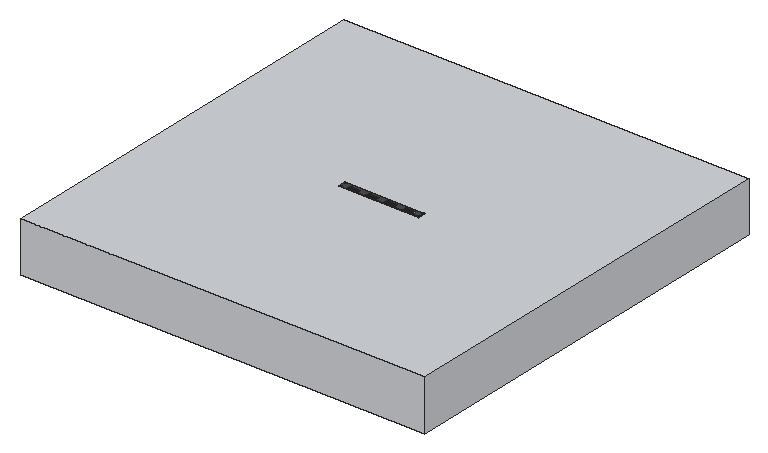
Revit family
Parameters (values of type "Patch_Panel-Siemon-MX-PNL-16")
  Weight = 1.07 lbf
  Version = ""
  U/M = "EA"
  U Space = "1"
  System = "ALL OTHER"
  Serial Number = "MX-PNL-16"
  Segment = "FIBER"
  Product Page URL = ""
  Product Documentation Link = ""
  Ports = 16
  Model = "MAX PATCH PANEL"
  Metal = Metal-Siemon-Annodized-Aluminum
  Manufacturer = "SIEMON"
  Loaded/Empty = "N/A"
  Item Group = "PATCH PANELS"
  Item Class = "GG"
  Description = "16 PORT MAX PATCH PANEL 1RMS"
  Default Elevation = 1219.2 mm
  Color = "BLACK"
  Assembly Code = ""
Reference planes
  plane 1 "Center (Front/Back)": y = 0
  plane 2: z = 0
  plane 3 "Center (Left/Right)": x = 0
  plane 4: y = 6.2
  plane 5: y = -38
  plane 6: x = -241.3
  plane 7: x = 241.3
  plane 8: z = 1.56
  plane 9: x = -195.3
  plane 10: x = 195.4
  plane 11: x = -136.3
  plane 12: x = -84.7
  plane 13: x = -25.7
  plane 14: x = 25.9
  plane 15: x = 84.9
  plane 16: x = 136.5
  plane 17: y = -11.5
  plane 18: y = -30.8
  plane 19: x = -232.8
  plane 20: x = -236.35
  plane 21: x = 232.8
  plane 22: x = 236.35
  plane 23: x = -165.8
  plane 24: y = -21.15
  plane 25: x = -55.2
  plane 26: x = 55.4
  plane 27: x = 165.9
Forms (mm)
  Extrusion 1, solid
    sketch origin (0, 0, 0) x (1, 0, 0) y (0, 1, 0)
      loop
        line (-1219.2, 1219.2) -> (-1219.2, -1219.2) -> (1219.2, -1219.2) -> (1219.2, 1219.2) -> (-1219.2, 1219.2)
    from 0 to -304.8
  Extrusion 2, solid, material "Metal-Siemon-Annodized-Aluminum" <- "Metal", detail levels medium+fine
    sketch origin (0, 0, 0) x (1, 0, 0) y (0, 1, 0)
      loop
        line (-241.3, 6.2) -> (-241.3, -38) -> (241.3, -38) -> (241.3, 6.2) -> (-241.3, 6.2)
      loop
        line (-195.3, -11.5) -> (-195.3, -30.8) -> (-136.3, -30.8) -> (-136.3, -11.5) -> (-195.3, -11.5)
      loop
        line (-84.7, -11.5) -> (-84.7, -30.8) -> (-25.7, -30.8) -> (-25.7, -11.5) -> (-84.7, -11.5)
      loop
        line (25.9, -11.5) -> (25.9, -30.8) -> (84.9, -30.8) -> (84.9, -11.5) -> (25.9, -11.5)
      loop
        line (136.5, -11.5) -> (136.5, -30.8) -> (195.4, -30.8) -> (195.4, -11.5) -> (136.5, -11.5)
      loop
        circle (-232.8, 0) r 3.55
      loop
        circle (-232.8, -31.8) r 3.55
      loop
        circle (232.8, 0) r 3.55
      loop
        circle (232.8, -31.8) r 3.55
    from 0 to 1.56
  Extrusion 3, solid, detail levels coarse
    sketch origin (0, 0, 0) x (1, 0, 0) y (0, 1, 0)
      loop
        line (-241.3, 6.2) -> (-241.3, -38) -> (241.3, -38) -> (241.3, 6.2) -> (-241.3, 6.2)
    from 0 to 1.56
Lines and regions (mm)
  Masking region 1
    outline origin (0, 0, 0) x (1, 0, 0) y (0, 1, 0)
      loop
        line (-241.3, 6.2) -> (-241.3, -38) -> (241.3, -38) -> (241.3, 6.2) -> (-241.3, 6.2)
  Masking region 2
    outline origin (0, 0, 0) x (1, 0, 0) y (0, 0, 1)
      loop
        line (241.3, 0) -> (241.3, 1.56) -> (-241.3, 1.56) -> (-241.3, 0) -> (241.3, 0)
  Masking region 3
    outline origin (0, 0, 0) x (0, 1, 0) y (0, 0, 1)
      loop
        line (6.2, 1.56) -> (-38, 1.56) -> (-38, 0) -> (6.2, 0) -> (6.2, 1.56)
  symbolic lines, detail levels medium+fine
    curve 1: line (-195.3, -11.5, 0) -> (-136.3, -11.5, 0)
    curve 2: line (-195.3, -30.8, 0) -> (-195.3, -11.5, 0)
    curve 3: line (-136.3, -30.8, 0) -> (-195.3, -30.8, 0)
    curve 4: line (-136.3, -11.5, 0) -> (-136.3, -30.8, 0)
    curve 5: line (-84.7, -11.5, 0) -> (-25.7, -11.5, 0)
    curve 6: line (-84.7, -30.8, 0) -> (-84.7, -11.5, 0)
    curve 7: line (-25.7, -30.8, 0) -> (-84.7, -30.8, 0)
    curve 8: line (-25.7, -11.5, 0) -> (-25.7, -30.8, 0)
    curve 9: line (25.9, -11.5, 0) -> (84.9, -11.5, 0)
    curve 10: line (25.9, -30.8, 0) -> (25.9, -11.5, 0)
    curve 11: line (84.9, -30.8, 0) -> (25.9, -30.8, 0)
    curve 12: line (84.9, -11.5, 0) -> (84.9, -30.8, 0)
    curve 13: line (136.5, -11.5, 0) -> (195.4, -11.5, 0)
    curve 14: line (136.5, -30.8, 0) -> (136.5, -11.5, 0)
    curve 15: line (195.4, -30.8, 0) -> (136.5, -30.8, 0)
    curve 16: line (195.4, -11.5, 0) -> (195.4, -30.8, 0)
  symbolic lines, detail levels fine
    curve 17: circle (-232.8, 0, 0) r 3.55 normal (0, 0, 1)
    curve 19: circle (-232.8, -31.8, 0) r 3.55 normal (0, 0, -1)
    curve 23: circle (232.8, 0, 0) r 3.55 normal (0, 0, -1)
    curve 24: circle (232.8, -31.8, 0) r 3.55 normal (0, 0, -1)
  reference lines
    curve 18: arc (-236.35, 0, 0) -> (-235.31, 2.51, 0) -> (-232.8, 3.55, 0) r 3.55
    curve 20: arc (236.35, 0, 0) -> (235.31, 2.51, 0) -> (232.8, 3.55, 0) r 3.55
    curve 21: arc (236.35, -31.8, 0) -> (235.31, -34.31, 0) -> (232.8, -35.35, 0) r 3.55
    curve 22: arc (-236.35, -31.8, 0) -> (-235.31, -34.31, 0) -> (-232.8, -35.35, 0) r 3.55
Dimensions and locks
  plane 1 "Center (Front/Back)" to plane 4 = 6.2 mm
  locked: plane 4 to plane 5 at 44.2
  locked: plane 6 to plane 3 "Center (Left/Right)" at 241.3
  locked: plane 6 to plane 7 at 482.6
  plane 8 to plane 2 = 1.56 mm
  plane 6 to plane 9 to plane 11 to plane 12 to plane 13 to plane 14 to plane 15 to plane 16 to plane 10 = 46.0 mm locked, 59.0 mm locked, 51.6 mm locked, 59.0 mm locked, 51.6 mm locked, 59.0 mm locked, 51.6 mm locked, 58.9 mm locked
  locked: plane 8 to level at 1.56
  locked: plane 9 to plane 23 at 29.5
  locked: plane 17 to plane 24 at 9.65
  plane 18 to plane 17 to plane 1 "Center (Front/Back)" = 19.3 mm locked, 11.5 mm locked
  locked: plane 12 to plane 25 at 29.5
  locked: plane 26 to plane 15 at 29.5
  locked: plane 27 to plane 10 at 29.5
  aligned and locked: plane 2 to Extrusion 1
  aligned and locked: level to Extrusion 1
  aligned and locked: Extrusion 2 to plane 4
  aligned and locked: Extrusion 2 to plane 5
  aligned and locked: Extrusion 2 to plane 6
  aligned and locked: plane 7 to Extrusion 2
  aligned and locked: Extrusion 2 to level
  aligned and locked: plane 8 to Extrusion 2
  aligned and locked: Extrusion 2 sketch curve to plane 10
  aligned and locked: plane 16 to Extrusion 2 sketch curve
  aligned and locked: Extrusion 2 sketch curve to plane 15
  aligned and locked: plane 14 to Extrusion 2 sketch curve
  aligned and locked: Extrusion 2 sketch curve to plane 13
  aligned and locked: plane 12 to Extrusion 2 sketch curve
  aligned and locked: Extrusion 2 sketch curve to plane 11
  aligned and locked: plane 9 to Extrusion 2 sketch curve
  aligned and locked: Extrusion 2 sketch curve to plane 17  (x4)
  aligned and locked: plane 18 to Extrusion 2 sketch curve  (x4)
  aligned and locked: plane 6 to Extrusion 3 sketch curve
  aligned and locked: plane 5 to Extrusion 3 sketch curve
  aligned and locked: Extrusion 3 sketch curve to plane 7
  aligned and locked: Extrusion 3 sketch curve to plane 4
  aligned and locked: Extrusion 3 to plane 2
  aligned and locked: plane 8 to Extrusion 3
  aligned and locked: plane 6 to Masking region 1 sketch curve
  aligned and locked: Masking region 1 sketch curve to plane 4
  aligned and locked: plane 5 to Masking region 1 sketch curve
  aligned and locked: Masking region 1 sketch curve to plane 7
  aligned and locked: plane 16 to curve 14
  aligned and locked: curve 16 to plane 10
  aligned and locked: curve 13 to plane 17
  aligned and locked: plane 18 to curve 15
  aligned and locked: curve 9 to plane 17
  aligned and locked: plane 18 to curve 11
  aligned and locked: curve 5 to plane 17
  aligned and locked: plane 18 to Extrusion 2  (x2)
  aligned and locked: curve 1 to plane 17
  aligned and locked: plane 18 to curve 3
  aligned and locked: plane 9 to curve 2
  aligned and locked: curve 4 to plane 11
  aligned and locked: plane 12 to curve 6
  aligned and locked: curve 8 to plane 13
  aligned and locked: plane 14 to curve 10
  aligned and locked: curve 12 to plane 15
  aligned and locked: plane 16 to Extrusion 2
  aligned and locked: Extrusion 2 to plane 10
  aligned and locked: Extrusion 2 to plane 17
  aligned and locked: plane 1 "Center (Front/Back)" to curve 18
  aligned and locked: plane 19 to curve 18
  aligned and locked: curve 17 to curve 18
  aligned and locked: plane 20 to curve 18
  aligned and locked: plane 21 to curve 21
  aligned and locked: plane 22 to curve 21
  aligned and locked: plane 21 to curve 20
  aligned and locked: plane 22 to curve 20
  aligned and locked: plane 19 to curve 22
  aligned and locked: plane 20 to curve 22
  aligned and locked: curve 19 to curve 22
  aligned and locked: curve 23 to curve 20
  aligned and locked: curve 24 to curve 21
  aligned and locked: Masking region 2 sketch curve to Extrusion 1
  aligned and locked: plane 8 to Masking region 2 sketch curve
  aligned and locked: plane 7 to Masking region 2 sketch curve
  aligned and locked: Masking region 2 sketch curve to plane 6
  aligned and locked: Masking region 3 sketch curve to plane 8
  aligned and locked: Extrusion 1 to Masking region 3 sketch curve
  aligned and locked: plane 5 to Masking region 3 sketch curve
  aligned and locked: Masking region 3 sketch curve to plane 4
  aligned and locked: Extrusion 2 sketch curve to curve 17
  aligned and locked: Extrusion 2 sketch curve to curve 19
  aligned and locked: Extrusion 2 sketch curve to curve 23
  aligned and locked: Extrusion 2 sketch curve to curve 24
  aligned: plane 8 to nested 1
  aligned: nested 1 to plane 23
  aligned: plane 24 to nested 1
  aligned: plane 24 to nested 2
  aligned: plane 24 to nested 3
  aligned: plane 24 to nested 4
  aligned and locked: nested 2 to plane 25
  aligned: nested 3 to plane 26
  aligned: nested 4 to plane 27
  aligned and locked: plane 24 to nested 1
  aligned and locked: nested 1 to plane 23
  aligned and locked: plane 24 to nested 2
  aligned and locked: plane 24 to nested 3
  aligned and locked: plane 24 to nested 4
  aligned and locked: nested 3 to plane 26
  aligned and locked: nested 4 to plane 27
Nested families
  nested 1: "DataPorts4" at (-165.692, -21.15, -8.44), type "DataPorts4"
  nested 2: "DataPorts4" at (-55.19, -21.15, -8.44), type "DataPorts4"
  nested 3: "DataPorts4" at (55.508, -21.15, -8.44), type "DataPorts4"
  nested 4: "DataPorts4" at (166.008, -21.15, -8.44), type "DataPorts4"
Connectors
  electrical at (-187.321, -21.155, -8.44)
    settings: on nested 1, index 1
  electrical at (-172.909, -21.155, -8.44)
    settings: on nested 1, index 2
  electrical at (-158.496, -21.155, -8.44)
    settings: on nested 1, index 3
  electrical at (-144.083, -21.155, -8.44)
    settings: on nested 1, index 4
  electrical at (-76.819, -21.155, -8.44)
    settings: on nested 2, index 5
  electrical at (-62.406, -21.155, -8.44)
    settings: on nested 2, index 6
  electrical at (-47.994, -21.155, -8.44)
    settings: on nested 2, index 7
  electrical at (-33.581, -21.155, -8.44)
    settings: on nested 2, index 8
  electrical at (33.879, -21.155, -8.44)
    settings: on nested 3, index 9
  electrical at (48.291, -21.155, -8.44)
    settings: on nested 3, index 10
  electrical at (62.704, -21.155, -8.44)
    settings: on nested 3, index 11
  electrical at (77.117, -21.155, -8.44)
    settings: on nested 3, index 12
  electrical at (144.379, -21.155, -8.44)
    settings: on nested 4, index 13
  electrical at (158.791, -21.155, -8.44)
    settings: on nested 4, index 14
  electrical at (173.204, -21.155, -8.44)
    settings: on nested 4, index 15
  electrical at (187.617, -21.155, -8.44)
    settings: on nested 4, index 16
Definition of nested family "DataPorts4"
  Parameters (values of type "DataPorts")
    Weight = "0.7 kgs (1.5 lbs)"
    UL Rating = "UL 1863"
    U Space / Capacity = "1U"
    Text1 = none
    Text = none
    Part Number = "HD5-24"
    Material = Metal-Siemon-Annodized-Aluminum
    Manufacturer Contact Info / Website = "www.siemon.com"
    Manufacturer = "Siemon"
    Dimensions (H x W x D) = "44.5mm x 483mm x 25mm\r\n(1.75 in. x 19.0 in. x 1.4 in.)"
    Description = "24-port Category 5e Copper Patch Panel"
    Clearance = "50mm (2.0 in.) Front and Rear"
    Assembly Code = ""
  Reference planes
    plane 1 "Center (Front/Back)": y = 0
    plane 2: z = 0
    plane 3 "Center (Left/Right)": x = 0
  Forms (mm)
    Extrusion 1, solid, material "Black Anodized Aluminum", detail levels fine
      sketch origin (-44.118, -25.304, 0) x (1, 0, 0) y (0, 1, 0)
        loop
          line (16.625, 17.018) -> (28.354, 17.018)
          arc (28.354, 17.018) -> (29.234, 17.382) -> (29.598, 18.262) r 1.244
          line (29.598, 18.262) -> (29.598, 32.336)
          arc (29.598, 32.336) -> (29.234, 33.215) -> (28.354, 33.579) r 1.244
          line (28.354, 33.579) -> (16.625, 33.579)
          arc (16.625, 33.579) -> (15.745, 33.215) -> (15.381, 32.336) r 1.244
          line (15.381, 32.336) -> (15.381, 18.262)
          arc (15.381, 18.262) -> (15.745, 17.382) -> (16.625, 17.018) r 1.244
        loop
          line (16.11, 28.29) -> (16.11, 19.582) -> (20.906, 19.582) -> (20.906, 17.474) -> (24.072, 17.474) -> (24.072, 19.582) -> (28.869, 19.582) -> (28.869, 28.29) -> (16.11, 28.29)
        loop
          line (31.037, 17.018) -> (42.767, 17.018)
          arc (42.767, 17.018) -> (43.646, 17.382) -> (44.011, 18.262) r 1.244
          line (44.011, 18.262) -> (44.011, 32.336)
          arc (44.011, 32.336) -> (43.646, 33.215) -> (42.767, 33.579) r 1.244
          line (42.767, 33.579) -> (31.037, 33.579)
          arc (31.037, 33.579) -> (30.158, 33.215) -> (29.794, 32.336) r 1.244
          line (29.794, 32.336) -> (29.794, 18.262)
          arc (29.794, 18.262) -> (30.158, 17.382) -> (31.037, 17.018) r 1.244
        loop
          line (30.522, 28.29) -> (30.522, 19.582) -> (35.319, 19.582) -> (35.319, 17.474) -> (38.485, 17.474) -> (38.485, 19.582) -> (43.282, 19.582) -> (43.282, 28.29) -> (30.522, 28.29)
        loop
          line (45.45, 17.018) -> (57.18, 17.018)
          arc (57.18, 17.018) -> (58.059, 17.382) -> (58.423, 18.262) r 1.244
          line (58.423, 18.262) -> (58.423, 32.336)
          arc (58.423, 32.336) -> (58.059, 33.215) -> (57.18, 33.579) r 1.244
          line (57.18, 33.579) -> (45.45, 33.579)
          arc (45.45, 33.579) -> (44.571, 33.215) -> (44.206, 32.336) r 1.244
          line (44.206, 32.336) -> (44.206, 18.262)
          arc (44.206, 18.262) -> (44.571, 17.382) -> (45.45, 17.018) r 1.244
        loop
          line (44.935, 28.29) -> (44.935, 19.582) -> (49.732, 19.582) -> (49.732, 17.474) -> (52.898, 17.474) -> (52.898, 19.582) -> (57.695, 19.582) -> (57.695, 28.29) -> (44.935, 28.29)
        loop
          line (59.863, 17.018) -> (71.592, 17.018)
          arc (71.592, 17.018) -> (72.472, 17.382) -> (72.836, 18.262) r 1.244
          line (72.836, 18.262) -> (72.836, 32.336)
          arc (72.836, 32.336) -> (72.472, 33.215) -> (71.592, 33.579) r 1.244
          line (71.592, 33.579) -> (59.863, 33.579)
          arc (59.863, 33.579) -> (58.983, 33.215) -> (58.619, 32.336) r 1.244
          line (58.619, 32.336) -> (58.619, 18.262)
          arc (58.619, 18.262) -> (58.983, 17.382) -> (59.863, 17.018) r 1.244
        loop
          line (59.348, 28.29) -> (59.348, 19.582) -> (64.145, 19.582) -> (64.145, 17.474) -> (67.311, 17.474) -> (67.311, 19.582) -> (72.107, 19.582) -> (72.107, 28.29) -> (59.348, 28.29)
      from 0 to 10
  Lines and regions (mm)
    symbolic lines, detail levels fine
      curve 1: line (-28.738, 7.032, 0) -> (-28.738, -7.042, 0)
      curve 2: arc (-27.494, 8.276, 0) -> (-28.373, 7.911, 0) -> (-28.738, 7.032, 0) r 1.244
      curve 3: line (-15.764, 8.276, 0) -> (-27.494, 8.276, 0)
      curve 4: arc (-14.521, 7.032, 0) -> (-14.885, 7.911, 0) -> (-15.764, 8.276, 0) r 1.244
      curve 5: line (-14.521, -7.042, 0) -> (-14.521, 7.032, 0)
      curve 6: arc (-15.764, -8.286, 0) -> (-14.885, -7.921, 0) -> (-14.521, -7.042, 0) r 1.244
      curve 7: line (-27.494, -8.286, 0) -> (-15.764, -8.286, 0)
      curve 8: arc (-28.738, -7.042, 0) -> (-28.373, -7.921, 0) -> (-27.494, -8.286, 0) r 1.244
      curve 9: line (-23.212, -5.722, 0) -> (-28.009, -5.722, 0)
      curve 10: line (-23.212, -7.829, 0) -> (-23.212, -5.722, 0)
      curve 11: line (-20.046, -7.829, 0) -> (-23.212, -7.829, 0)
      curve 12: line (-20.046, -5.722, 0) -> (-20.046, -7.829, 0)
      curve 13: line (-15.249, -5.722, 0) -> (-20.046, -5.722, 0)
      curve 14: line (-15.249, 2.986, 0) -> (-15.249, -5.722, 0)
      curve 15: line (-28.009, 2.986, 0) -> (-15.249, 2.986, 0)
      curve 16: line (-28.009, -5.722, 0) -> (-28.009, 2.986, 0)
      curve 17: line (-14.325, 7.032, 0) -> (-14.325, -7.042, 0)
      curve 18: arc (-13.081, 8.276, 0) -> (-13.961, 7.911, 0) -> (-14.325, 7.032, 0) r 1.244
      curve 19: line (-1.352, 8.276, 0) -> (-13.081, 8.276, 0)
      curve 20: arc (-0.108, 7.032, 0) -> (-0.472, 7.911, 0) -> (-1.352, 8.276, 0) r 1.244
      curve 21: line (-0.108, -7.042, 0) -> (-0.108, 7.032, 0)
      curve 22: arc (-1.352, -8.286, 0) -> (-0.472, -7.921, 0) -> (-0.108, -7.042, 0) r 1.244
      curve 23: line (-13.081, -8.286, 0) -> (-1.352, -8.286, 0)
      curve 24: arc (-14.325, -7.042, 0) -> (-13.961, -7.921, 0) -> (-13.081, -8.286, 0) r 1.244
      curve 25: line (-8.799, -5.722, 0) -> (-13.596, -5.722, 0)
      curve 26: line (-8.799, -7.829, 0) -> (-8.799, -5.722, 0)
      curve 27: line (-5.633, -7.829, 0) -> (-8.799, -7.829, 0)
      curve 28: line (-5.633, -5.722, 0) -> (-5.633, -7.829, 0)
      curve 29: line (-0.837, -5.722, 0) -> (-5.633, -5.722, 0)
      curve 30: line (-0.837, 2.986, 0) -> (-0.837, -5.722, 0)
      curve 31: line (-13.596, 2.986, 0) -> (-0.837, 2.986, 0)
      curve 32: line (-13.596, -5.722, 0) -> (-13.596, 2.986, 0)
      curve 33: line (0.088, 7.032, 0) -> (0.088, -7.042, 0)
      curve 34: arc (1.332, 8.276, 0) -> (0.452, 7.911, 0) -> (0.088, 7.032, 0) r 1.244
      curve 35: line (13.061, 8.276, 0) -> (1.332, 8.276, 0)
      curve 36: arc (14.305, 7.032, 0) -> (13.941, 7.911, 0) -> (13.061, 8.276, 0) r 1.244
      curve 37: line (14.305, -7.042, 0) -> (14.305, 7.032, 0)
      curve 38: arc (13.061, -8.286, 0) -> (13.941, -7.921, 0) -> (14.305, -7.042, 0) r 1.244
      curve 39: line (1.332, -8.286, 0) -> (13.061, -8.286, 0)
      curve 40: arc (0.088, -7.042, 0) -> (0.452, -7.921, 0) -> (1.332, -8.286, 0) r 1.244
      curve 41: line (5.613, -5.722, 0) -> (0.817, -5.722, 0)
      curve 42: line (5.613, -7.829, 0) -> (5.613, -5.722, 0)
      curve 43: line (8.779, -7.829, 0) -> (5.613, -7.829, 0)
      curve 44: line (8.779, -5.722, 0) -> (8.779, -7.829, 0)
      curve 45: line (13.576, -5.722, 0) -> (8.779, -5.722, 0)
      curve 46: line (13.576, 2.986, 0) -> (13.576, -5.722, 0)
      curve 47: line (0.817, 2.986, 0) -> (13.576, 2.986, 0)
      curve 48: line (0.817, -5.722, 0) -> (0.817, 2.986, 0)
      curve 49: line (14.501, 7.032, 0) -> (14.501, -7.042, 0)
      curve 50: arc (15.744, 8.276, 0) -> (14.865, 7.911, 0) -> (14.501, 7.032, 0) r 1.244
      curve 51: line (27.474, 8.276, 0) -> (15.744, 8.276, 0)
      curve 52: arc (28.718, 7.032, 0) -> (28.353, 7.911, 0) -> (27.474, 8.276, 0) r 1.244
      curve 53: line (28.718, -7.042, 0) -> (28.718, 7.032, 0)
      curve 54: arc (27.474, -8.286, 0) -> (28.353, -7.921, 0) -> (28.718, -7.042, 0) r 1.244
      curve 55: line (15.744, -8.286, 0) -> (27.474, -8.286, 0)
      curve 56: arc (14.501, -7.042, 0) -> (14.865, -7.921, 0) -> (15.744, -8.286, 0) r 1.244
      curve 57: line (20.026, -5.722, 0) -> (15.229, -5.722, 0)
      curve 58: line (20.026, -7.829, 0) -> (20.026, -5.722, 0)
      curve 59: line (23.192, -7.829, 0) -> (20.026, -7.829, 0)
      curve 60: line (23.192, -5.722, 0) -> (23.192, -7.829, 0)
      curve 61: line (27.989, -5.722, 0) -> (23.192, -5.722, 0)
      curve 62: line (27.989, 2.986, 0) -> (27.989, -5.722, 0)
      curve 63: line (15.229, 2.986, 0) -> (27.989, 2.986, 0)
      curve 64: line (15.229, -5.722, 0) -> (15.229, 2.986, 0)
